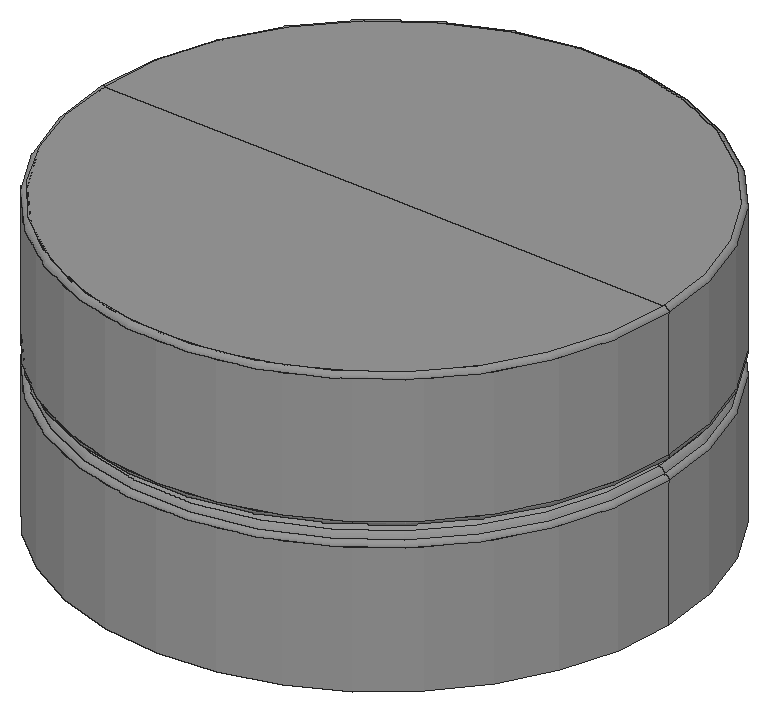
Revit family "Faucet-Handle-KOHLER-COMPONENTS-K-77963T", category Plumbing Fixtures, host Face, Revit 2017
Family settings
  Host = Face
  Round Connector Dimension = Use Diameter
  Part Type = Normal
  OmniClass Number = 23.31.11.00
  OmniClass Title = Faucets
  Cut with Voids When Loaded = No
  Shared = No
  Room Calculation Point = No
Parameters (values of type "Not A Type-See Type Catalog")
  Width = 2 3/8"  # constant formula
  WaterSense Certified = 1 = 0  # no
  Waste Water Outlet = "Waste Water Outlet"  # constant formula
  Waste Connection = 1 = 0  # no
  Vent Connection = 1 = 0  # no
  URL = "http://www.kohler.com.cn/"
  Type = 1
  Product Page URL = "https://www.kohler.com.cn/product/K-77963T-8A-AF/K-77963T-8A-AF/"
  Product Name = "COMPONENTS"  # constant formula
  Product Documentation Link = "https://files.kohler.com.cn/pdfs/1558597636718_1287329-2-A(77965T%2077966T%2023887T...).pdf"
  Pressure = 0.00 psi
  Model = if(Type = 1, "K-77963T-8A-AF", if(Type = 2, "K-77963T-8A-BN", if(Type = 3, "K-77963T-8A-RGD", if(Type = 4, "K-77963T-8A-CP", if(Type = 5, "K-77963T-8A-TT", if(Type = 6, "K-77963T-8A-2BL", if(Type = 7, "K-77963T-8ADR-AF", if(Type = 8, "K-77963T-8ADR-BN", if(Type = 9, "K-77963T-8ADR-RGD", if(Type = 10, "K-77963T-8ADR-CP", if(Type = 11, "K-77963T-8ADR-TT", if(Type = 12, "K-77963T-8ADR-2BL", "NA"))))))))))))  # "K-77963T-8A-AF"
  Material = "Metal construction"  # constant formula
  Master Format 2014 Name = "Residential Faucets, Supplies, and Trim"  # constant formula
  Master Format 2014 = "22 41 39"  # constant formula
  Manufacturer Address = "Kohler Beijing Office (100016)\n36-2-03-B, No. 88, Liuxiang Road, Beijing"  # constant formula
  Manufacturer = "KOHLER Co."  # constant formula
  Length = 2 3/8"  # constant formula
  Hot Water Inlet = "Hot Water Inlet"  # constant formula
  Height = 1 3/16"  # constant formula
  Handle Clearance = 1 3/16"  # constant formula
  HW Connection = 1 = 1  # yes
  Flow Rate = 0 GPM
  Finish = Default
  Environmental Product Declaration = ""
  Drain Included = 1 = 0  # no
  Description = if(or(Type = 1, Type = 2, Type = 3, Type = 4, Type = 5, Type = 6), "Yiting washbasin faucet push-control knob", "COMPONENTS ROCKER HANDLE")  # "Yiting washbasin faucet push-control knob"
  Default Elevation = 36"
  Declare Label = ""
  Date Modified = "08/31/2020"  # constant formula
  Date Created = "08/31/2020"  # constant formula
  Copyright = "Copyright KOHLER Co."  # constant formula
  Contact Us = "http://www.kohler.com.cn/contact/contact-us/"
  Cold Water Inlet = "Cold Water Inlet"  # constant formula
  CW Connection = 1 = 1  # yes
  Assembly Code = "D2010"
  ADA Compliant = 1 = 0  # no
Reference planes (in)
  plane 1 "Center (Front/Back)": y = 0
  plane 2: z = 0
  plane 3 "Center (Left/Right)": x = 0
  plane 4: x = 1.1875
  plane 5: y = 1.1875
  plane 6: x = -1.1875
  plane 7: y = -1.1875
  plane 8: z = 1.1875
Dimensions and locks (in)
  "Width": plane 6 to plane 4
  equal spacing: plane 6, plane 3 "Center (Left/Right)", plane 4
  equal spacing: plane 5, plane 1 "Center (Front/Back)", plane 7
  "Length": plane 5 to plane 7
  "Height": plane 8 to level
  "Handle Clearance": plane 6 to plane 3 "Center (Left/Right)"
  aligned and locked: plane 2 to host face
  aligned and locked: level to host face
  aligned and locked: plane 1 "Center (Front/Back)" to nested 1
  aligned and locked: plane 3 "Center (Left/Right)" to nested 1
  aligned and locked: plane 4 to nested 1
  aligned and locked: plane 5 to nested 1
  aligned and locked: plane 6 to nested 1
  aligned and locked: plane 7 to nested 1
  aligned and locked: plane 8 to nested 1
Automatic sketch dimensions
  host sketch curve to host sketch curve = 96"  (x2)
Nested families (in)
  nested 1: "K-77963T" at (0, 0, 0), type "K-77963T"
Connectors (in)
  piping at (-0.29884, 0, 0), diameter 0.5, driven by "Flow Rate", driven by "HW Connection", driven by "Hot Water Inlet"
    settings: on nested 1, index 1, connector inside diameter 24", connector length 0", flow factor 0, pipe flow 0 GPM, pressure drop 0.00 psi, fitting loss kfactor 0, connector angle 0.00°, fixture units 0, engagement length 0", angle of deflection 0.00°, flow configuration 0, flow direction 1, fitting loss method 0, system type 19, joint type 0, gender type 0, connector reference index -1, connector utility 1, adjustable connector no, is connector primary yes, connector description "Hot Water Inlet"
  piping at (0.29884, 0, 0), diameter 0.5, driven by "Flow Rate", driven by "CW Connection", driven by "Cold Water Inlet"
    settings: on nested 1, index 2, connector inside diameter 24", connector length 0", flow factor 0, pipe flow 0 GPM, pressure drop 0.00 psi, fitting loss kfactor 0, connector angle 0.00°, fixture units 0, engagement length 0", angle of deflection 0.00°, flow configuration 0, flow direction 1, fitting loss method 0, system type 20, joint type 0, gender type 0, connector reference index -1, connector utility 1, adjustable connector no, is connector primary no, connector description "Cold Water Inlet"
Definition of nested family "K-77963T"
  Parameters (values of type "K-77963T")
    Faucet Handle Material = none
  Reference planes (in)
    plane 1 "Center (Front/Back)": y = 0
    plane 2: z = 0
    plane 3 "Center (Left/Right)": x = 0
    plane 4: y = 1.1875
    plane 5: y = -1.1875
    plane 6: x = 1.1875
    plane 7: x = -1.1875
    plane 8: z = 1.1875
  Forms (in)
    Revolve 1, solid, material <- "Faucet Handle Material", detail levels medium+fine
      sketch origin (0, 0, 0) x (1, 0, 0) y (0, 0, 1)
        loop
          line (0, 0) -> (1.1875, 0) -> (1.1875, 0.53852)
          arc (1.1875, 0.53852) -> (1.1817, 0.55253) -> (1.16769, 0.55833) r 0.01981
          arc (1.16769, 0.55833) -> (1.16101, 0.57218) -> (1.15024, 0.58316) r 0.04744
          line (1.15024, 0.58316) -> (1.10518, 0.6162) -> (1.16756, 0.6162)
          arc (1.16756, 0.6162) -> (1.18166, 0.62204) -> (1.1875, 0.63614) r 0.01994
          line (1.1875, 0.63614) -> (1.1875, 1.16785)
          arc (1.1875, 1.16785) -> (1.18174, 1.18174) -> (1.16785, 1.1875) r 0.01965
          line (1.16785, 1.1875) -> (0, 1.1875) -> (0, 0)
        axis (0, 1.1875) -> (0, 0)
      angle from 0 to 360
    Revolve 2, solid, material <- "Faucet Handle Material", detail levels coarse
      sketch origin (0, 0, 0) x (1, 0, 0) y (0, 0, 1)
        loop
          line (0, 1.1875) -> (0, 0) -> (1.18727, 0) -> (1.18727, 1.1875) -> (0, 1.1875)
        axis (0, 1.1875) -> (0, 0)
      angle from 0 to 360
    Extrusion 3, solid, material <- "Faucet Handle Material", detail levels medium+fine
      sketch origin (0, 0, 0) x (1, 0, 0) y (0, 1, 0)
        loop
          circle (0.29884, 0) r 0.14942
        loop
          circle (-0.29884, 0) r 0.14942
      from 0 to 0.11786
  Lines and regions (in)
    Masking region 1
      outline origin (0, 0, 0) x (1, 0, 0) y (0, 1, 0)
        loop
          circle (0, 0) r 1.1875
    Masking region 2
      outline origin (0, 0, 0) x (0, 1, 0) y (0, 0, 1)
        loop
          line (1.1676, 1.1875) -> (-1.1676, 1.1875)
          arc (-1.1676, 1.1875) -> (-1.18167, 1.18167) -> (-1.1875, 1.1676) r 0.0199
          line (-1.1875, 1.1676) -> (-1.1875, 0.63588)
          arc (-1.1875, 0.63588) -> (-1.18176, 0.62202) -> (-1.16789, 0.61627) r 0.01961
          line (-1.16789, 0.61627) -> (-1.10502, 0.61627) -> (-1.14684, 0.58564)
          arc (-1.14684, 0.58564) -> (-1.15911, 0.57351) -> (-1.16732, 0.55833) r 0.05862
          arc (-1.16732, 0.55833) -> (-1.18154, 0.55244) -> (-1.18743, 0.53822) r 0.02011
          line (-1.18743, 0.53822) -> (-1.18743, 0) -> (1.18743, 0) -> (1.18743, 0.53822)
          arc (1.18743, 0.53822) -> (1.18154, 0.55244) -> (1.16732, 0.55833) r 0.02011
          arc (1.16732, 0.55833) -> (1.15911, 0.57351) -> (1.14684, 0.58564) r 0.05862
          line (1.14684, 0.58564) -> (1.10502, 0.61627) -> (1.16789, 0.61627)
          arc (1.16789, 0.61627) -> (1.18176, 0.62202) -> (1.1875, 0.63588) r 0.01961
          line (1.1875, 0.63588) -> (1.1875, 1.1676)
          arc (1.1875, 1.1676) -> (1.18167, 1.18167) -> (1.1676, 1.1875) r 0.0199
    Masking region 3
      outline origin (0, 0, 0) x (1, 0, 0) y (0, 0, 1)
        loop
          arc (-1.16773, 1.1875) -> (-1.18171, 1.18171) -> (-1.1875, 1.16773) r 0.01977
          line (-1.1875, 1.16773) -> (-1.1875, 0.63634)
          arc (-1.1875, 0.63634) -> (-1.1816, 0.6221) -> (-1.16737, 0.6162) r 0.02013
          line (-1.16737, 0.6162) -> (-1.10518, 0.6162) -> (-1.15022, 0.58317)
          arc (-1.15022, 0.58317) -> (-1.161, 0.57218) -> (-1.16769, 0.55832) r 0.04752
          arc (-1.16769, 0.55832) -> (-1.18172, 0.55227) -> (-1.1875, 0.53813) r 0.0202
          line (-1.1875, 0.53813) -> (-1.1875, 0) -> (1.1875, 0) -> (1.1875, 0.53813)
          arc (1.1875, 0.53813) -> (1.18172, 0.55227) -> (1.16769, 0.55832) r 0.0202
          arc (1.16769, 0.55832) -> (1.161, 0.57218) -> (1.15022, 0.58317) r 0.04752
          line (1.15022, 0.58317) -> (1.10518, 0.6162) -> (1.16737, 0.6162)
          arc (1.16737, 0.6162) -> (1.1816, 0.6221) -> (1.1875, 0.63634) r 0.02013
          line (1.1875, 0.63634) -> (1.1875, 1.16773)
          arc (1.1875, 1.16773) -> (1.18171, 1.18171) -> (1.16773, 1.1875) r 0.01977
          line (1.16773, 1.1875) -> (-1.16773, 1.1875)
    symbolic lines, detail levels medium+fine
      curve 1: line (0, 1.16732, 0.55833) -> (0, -1.16732, 0.55833)
      curve 2: line (-1.16727, 0, 0.6162) -> (1.11447, 0, 0.6162)
      curve 3: line (-1.16746, 0, 0.55833) -> (1.16769, 0, 0.55833)
      curve 4: line (0, 1.10502, 0.61627) -> (0, -1.10502, 0.61627)
  Dimensions and locks (in)
    locked: plane 5 to plane 4 at 2.375
    locked: plane 7 to plane 6 at 2.375
    plane 8 to level = 1 3/16"
    aligned and locked: plane 2 to level
Types in the file's own list only (12): name | Type | Product Page URL | Product Documentation Link | Model | Manufacturer Address | Finish | Description
  8A, AF- Flange Gold | 1 | "https://www.kohler.com.cn/product/K-77963T-8A-AF/K-77963T-8A-AF/" | "https://files.kohler.com.cn/pdfs/1558597636718_1287329-2-A(77965T%2077966T%2023887T...).pdf" | "K-77963T-8A-AF" | "Kohler Beijing Office (100016)\r\n36-2-03-B, No. 88, Liuxiang Road, Beijing" | Kohler-Metal-AF-Flange_Gold | "Yiting washbasin faucet push-control knob"
  8A,BN- Roman Silver | 2 | "https://www.kohler.com.cn/product/K-77963T-8A-AF/K-77963T-8A-BN/" | "https://files.kohler.com.cn/pdfs/1558597636718_1287329-2-A(77965T%2077966T%2023887T...).pdf" | "K-77963T-8A-BN" | "Kohler Beijing Office (100016)\r\n36-2-03-B, No. 88, Liuxiang Road, Beijing" | Kohler-Metal-BN-Roman_Silver | "Yiting washbasin faucet push-control knob"
  8A, RGD- Rose Gold | 3 | "https://www.kohler.com.cn/product/K-77963T-8A-AF/K-77963T-8A-RGD/" | "https://files.kohler.com.cn/pdfs/1558597636718_1287329-2-A(77965T%2077966T%2023887T...).pdf" | "K-77963T-8A-RGD" | "Kohler Beijing Office (100016)\r\n36-2-03-B, No. 88, Liuxiang Road, Beijing" | Kohler-Metal-RGD-Rose_Gold | "Yiting washbasin faucet push-control knob"
  8A,CP- Polished chrome | 4 | "https://www.kohler.com.cn/product/K-77963T-8A-AF/K-77963T-8A-CP/" | "https://files.kohler.com.cn/pdfs/1558597636718_1287329-2-A(77965T%2077966T%2023887T...).pdf" | "K-77963T-8A-CP" | "Kohler Beijing Office (100016)\r\n36-2-03-B, No. 88, Liuxiang Road, Beijing" | Kohler-Metal-CP-Polished_Chrome | "Yiting washbasin faucet push-control knob"
  8A, TT- Titanium Silver | 5 | "https://www.kohler.com.cn/product/K-77963T-8A-AF/K-77963T-8A-TT/" | "https://files.kohler.com.cn/pdfs/1558597636718_1287329-2-A(77965T%2077966T%2023887T...).pdf" | "K-77963T-8A-TT" | "Kohler Beijing Office (100016)\r\n36-2-03-B, No. 88, Liuxiang Road, Beijing" | Kohler-Metal-TT-Titanium_Silver | "Yiting washbasin faucet push-control knob"
  8A, 2BL- Original Black | 6 | "https://www.kohler.com.cn/product/K-77963T-8A-AF/K-77963T-8A-2BL/" | "https://files.kohler.com.cn/pdfs/1558597636718_1287329-2-A(77965T%2077966T%2023887T...).pdf" | "K-77963T-8A-2BL" | "Kohler Beijing Office (100016)\r\n36-2-03-B, No. 88, Liuxiang Road, Beijing" | Kohler-Metal-2BL-Original_Black | "Yiting washbasin faucet push-control knob"
  8ADR,AF- Flange Black | 7 |  |  | "K-77963T-8ADR-AF" | "Kohler Beijing Office (100016)\r\n36-2-03-B, No. 88, Liuxiang Road, Beijing" | Kohler-Metal-AF-Flange_Gold | "COMPONENTS ROCKER HANDLE"
  8ADR,BN- Roman Silver | 8 |  |  | "K-77963T-8ADR-BN" | "Kohler Beijing Office (100016)\r\n36-2-03-B, No. 88, Liuxiang Road, Beijing" | Kohler-Metal-BN-Roman_Silver | "COMPONENTS ROCKER HANDLE"
  8ADR,RGD- Rose Gold | 9 |  |  | "K-77963T-8ADR-RGD" | "Kohler Beijing Office (100016)\r\n36-2-03-B, No. 88, Liuxiang Road, Beijing" | Kohler-Metal-RGD-Rose_Gold | "COMPONENTS ROCKER HANDLE"
  8ADR, CP- Polished Chrome | 10 |  |  | "K-77963T-8ADR-CP" | "Kohler Beijing Office (100016)\r\n36-2-03-B, No. 88, Liuxiang Road, Beijing" | Kohler-Metal-CP-Polished_Chrome | "COMPONENTS ROCKER HANDLE"
  8ADR, TT- Titanium Silver | 11 |  |  | "K-77963T-8ADR-TT" | "Kohler Beijing Office (100016)\r\n36-2-03-B, No. 88, Liuxiang Road, Beijing" | Kohler-Metal-TT-Titanium_Silver | "COMPONENTS ROCKER HANDLE"
  8ADR,2BL- Original Black | 12 |  |  | "K-77963T-8ADR-2BL" | "Kohler Beijing Office (100016)\r\n36-2-03-B, No. 88, Liuxiang Road, Beijing" | Kohler-Metal-2BL-Original_Black | "COMPONENTS ROCKER HANDLE"
